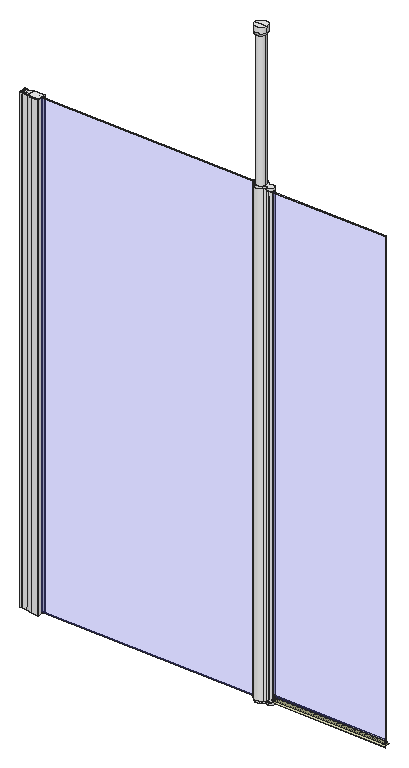
Revit family "FBD2V", category Plumbing Fixtures, Revit 2015
Parameters (values of type "800")
  URL = "http://www.sanswiss.com/"
  Type Comments = "WALK IN FUN"
  Seal = Seal
  Model = "FBD2V"
  Manufacturer = "SanSwiss"
  Glass = Glass
  Chrome = Chrome - Polished
  Aluminium = Aluminum - Polished
  X = 800 mm
Types (4, lengths in mm): name | X
  (no name) | 800
  700 | 700
  800 | 800
  750 | 750
Reference planes
  plane 1 "Center (Front/Back)": y = 0
  plane 2: z = 0
  plane 3 "Center (Left/Right)": x = 0
  plane 4 "back": y = 750
  plane 5 "left": x = -800
  plane 6 "BACK GLASS": y = 701.824
  plane 7: z = 1965.5
  plane 8 "stabiliser": y = 30.169
  plane 9: x = -744.225
  plane 10: z = -534.5
Forms (mm)
  Sweep 1, solid, material "Chrome - Polished" <- "Chrome"
    path origin (0, 0, 0) x (1, 0, 0) y (0, 0, 1)
      loop
        line (0, 1497.7) -> (0, 1502)
    profile origin (0, 0, 1499.85) x (-1, 0, 0) y (0, -1, 0)
      loop
        arc (46.513, -26.016) -> (42.412, -24.892) -> (39.475, -21.818) r 7.96
        arc (39.475, -21.818) -> (24.653, -12.137) -> (8.498, -19.375) r 18.466
        arc (8.498, -19.375) -> (4.987, -22.278) -> (0.551, -23.318) r 9.979
        line (0.551, -23.318) -> (-0.232, -23.318)
        arc (-0.232, -23.318) -> (-18.787, -30.617) -> (-0.232, -37.916) r 10.713
        line (-0.232, -37.916) -> (0.551, -37.916)
        arc (0.551, -37.916) -> (4.983, -38.952) -> (8.5, -41.84) r 10.034
        arc (8.5, -41.84) -> (24.644, -49.028) -> (39.471, -39.413) r 18.528
        arc (39.471, -39.413) -> (42.417, -36.353) -> (46.513, -35.228) r 8.016
        line (46.513, -35.228) -> (47.889, -35.228)
        arc (47.889, -35.228) -> (48.463, -34.99) -> (48.7, -34.417) r 0.811
        line (48.7, -34.417) -> (48.7, -26.828)
        arc (48.7, -26.828) -> (48.462, -26.254) -> (47.889, -26.016) r 0.811
        line (47.889, -26.016) -> (46.513, -26.016)
  Sweep 2, solid, material "Aluminum - Polished" <- "Aluminium"
    path origin (0, 0, 0) x (1, 0, 0) y (0, 0, 1)
      loop
        line (-800, 0) -> (-800, 1500)
    profile origin (-800, 0, 750) x (-1, 0, 0) y (0, -1, 0)
      loop
        line (-63.975, -34.016) -> (-63.975, -41.416)
        arc (-63.975, -41.416) -> (-63.536, -42.477) -> (-62.475, -42.916) r 1.5
        line (-62.475, -42.916) -> (-28.801, -42.916)
        arc (-28.801, -42.916) -> (-26.457, -42.632) -> (-24.248, -41.797) r 9.817
        arc (-24.248, -41.797) -> (-24.058, -40.885) -> (-24.863, -40.416) r 0.796
        line (-24.863, -40.416) -> (-24.863, -22.416)
        arc (-24.863, -22.416) -> (-24.071, -21.973) -> (-24.146, -21.069) r 0.838
        arc (-24.146, -21.069) -> (-34.029, -16.855) -> (-44.675, -15.416) r 40.103
        line (-44.675, -15.416) -> (-62.475, -15.416)
        arc (-62.475, -15.416) -> (-63.536, -15.855) -> (-63.975, -16.916) r 1.5
        line (-63.975, -16.916) -> (-63.975, -27.216) -> (-55.775, -27.216) -> (-55.775, -34.016) -> (-63.975, -34.016)
  Sweep 3, solid, material "Chrome - Polished" <- "Chrome"
    path origin (0, 0, 0) x (1, 0, 0) y (0, 0, 1)
      loop
        line (-800, 1503) -> (-800, 1500)
    profile origin (-800, 0, 1501.5) x (0, -1, 0) y (1, 0, 0)
      loop
        line (-16.916, 63.975) -> (-41.416, 63.975)
        arc (-41.416, 63.975) -> (-42.477, 63.536) -> (-42.916, 62.475) r 1.5
        line (-42.916, 62.475) -> (-42.916, 28.801)
        arc (-42.916, 28.801) -> (-42.208, 25.105) -> (-40.183, 21.932) r 9.999
        arc (-40.183, 21.932) -> (-30.188, 18.244) -> (-21.199, 23.963) r 11.998
        arc (-21.199, 23.963) -> (-16.891, 33.924) -> (-15.416, 44.675) r 40.036
        line (-15.416, 44.675) -> (-15.416, 62.475)
        arc (-15.416, 62.475) -> (-15.855, 63.536) -> (-16.916, 63.975) r 1.5
  Sweep 4, solid, material "Aluminum - Polished" <- "Aluminium"
    path origin (0, 0, 0) x (1, 0, 0) y (0, 0, 1)
      loop
        line (0, 1497.7) -> (0, 4.3)
    profile origin (0, 0, 751) x (0, -1, 0) y (1, 0, 0)
      loop
        arc (-35.222, -47.894) -> (-34.417, -48.7) -> (-33.611, -47.894) r 0.806
        line (-33.611, -47.894) -> (-34.222, -47.021) -> (-33.733, -46.322) -> (-34.222, -45.622) -> (-33.701, -45.001) -> (-34.222, -44.257) -> (-33.714, -43.651) -> (-33.714, -40) -> (-27.616, -40) -> (-27.616, -43.701) -> (-27.022, -44.295) -> (-27.496, -44.972) -> (-27.022, -45.649) -> (-27.483, -46.306) -> (-27.022, -46.964) -> (-27.611, -47.906)
        arc (-27.611, -47.906) -> (-26.811, -48.706) -> (-26.011, -47.906) r 0.8
        line (-26.011, -47.906) -> (-26.011, -46.513)
        arc (-26.011, -46.513) -> (-24.883, -42.417) -> (-21.818, -39.475) r 8.005
        arc (-21.818, -39.475) -> (-12.177, -24.65) -> (-19.375, -8.498) r 18.514
        arc (-19.375, -8.498) -> (-22.533, -4.427) -> (-23.278, 0.67) r 10.122
        arc (-23.278, 0.67) -> (-22.622, 2.449) -> (-22.866, 4.33) r 3.968
        arc (-22.866, 4.33) -> (-23.136, 4) -> (-23.286, 3.601) r 1.311
        arc (-23.286, 3.601) -> (-30.62, -1.041) -> (-37.948, 3.612) r 8.105
        arc (-37.948, 3.612) -> (-38.099, 4.005) -> (-38.366, 4.33) r 1.311
        arc (-38.366, 4.33) -> (-38.611, 2.449) -> (-37.954, 0.67) r 3.968
        arc (-37.954, 0.67) -> (-38.699, -4.427) -> (-41.857, -8.498) r 10.122
        arc (-41.857, -8.498) -> (-49.055, -24.65) -> (-39.414, -39.475) r 18.514
        arc (-39.414, -39.475) -> (-36.387, -42.354) -> (-35.222, -46.366) r 8.005
        line (-35.222, -46.366) -> (-35.222, -47.894)
  Sweep 5, solid, material "Chrome - Polished" <- "Chrome"
    path origin (0, 0, 0) x (1, 0, 0) y (0, 0, 1)
      loop
        line (0, 4.3) -> (0, 0)
    profile origin (0, 0, 2.15) x (0, -1, 0) y (1, 0, 0)
      loop
        arc (-26.016, -46.513) -> (-24.892, -42.412) -> (-21.818, -39.475) r 7.96
        arc (-21.818, -39.475) -> (-12.137, -24.653) -> (-19.375, -8.498) r 18.466
        arc (-19.375, -8.498) -> (-22.278, -4.987) -> (-23.318, -0.551) r 9.979
        line (-23.318, -0.551) -> (-23.318, 0.232)
        arc (-23.318, 0.232) -> (-30.617, 18.787) -> (-37.916, 0.232) r 10.713
        line (-37.916, 0.232) -> (-37.916, -0.551)
        arc (-37.916, -0.551) -> (-38.952, -4.983) -> (-41.84, -8.5) r 10.034
        arc (-41.84, -8.5) -> (-49.028, -24.644) -> (-39.413, -39.471) r 18.528
        arc (-39.413, -39.471) -> (-36.353, -42.417) -> (-35.228, -46.513) r 8.016
        line (-35.228, -46.513) -> (-35.228, -47.889)
        arc (-35.228, -47.889) -> (-34.99, -48.463) -> (-34.417, -48.7) r 0.811
        line (-34.417, -48.7) -> (-26.828, -48.7)
        arc (-26.828, -48.7) -> (-26.254, -48.462) -> (-26.016, -47.889) r 0.811
        line (-26.016, -47.889) -> (-26.016, -46.513)
  Extrusion 6, solid, material "Glass" <- "Glass"
    sketch origin (0, 7.616, 0) x (1, 0, 0) y (0, 1, 0)
      loop
        line (-42.892, 26) -> (-744.225, 26) -> (-744.225, 20) -> (-42.892, 20) -> (-42.892, 26)
    from 1.5 to 1500.5
  Extrusion 7, solid, material "Aluminum - Polished" <- "Aluminium"
    sketch origin (0, 0, 0) x (1, 0, 0) y (0, 1, 0)
      loop
        circle (-23.142, 30.169) r 13.7
    from 1503 to 1940.5
  Revolve 8, solid, material "Chrome - Polished" <- "Chrome"
    sketch origin (0, 30.169, 0) x (-1, 0, 0) y (0, 0, 1)
      loop
        line (23.208, 1965.5) -> (3.721, 1965.5) -> (3.721, 1948.879)
        arc (3.721, 1948.879) -> (4.96, 1944.089) -> (8.365, 1940.5) r 9.88
        line (8.365, 1940.5) -> (23.208, 1940.5) -> (23.208, 1965.5)
      axis (23.208, 1940.5) -> (23.208, 1965.5)
    angle from 0 to 360
  Sweep 9, solid, material "Chrome - Polished" <- "Chrome"
    path origin (0, 30.169, 0) x (-1, 0, 0) y (0, 0, 1)
      loop
        line (0, 4.3) -> (0, 7.8)
    profile origin (0, 30.169, 6.05) x (1, 0, 0) y (0, 1, 0)
      loop
        circle (8, 0.447) r 9
  Sweep 10, solid, material "Chrome - Polished" <- "Chrome"
    path origin (0, 30.169, 0) x (-1, 0, 0) y (0, 0, 1)
      loop
        line (0, 1494.2) -> (0, 1497.7)
    profile origin (0, 30.169, 1495.95) x (1, 0, 0) y (0, 1, 0)
      loop
        circle (8, 0.447) r 9
  Extrusion 11, solid, material "Glass" <- "Glass"
    sketch origin (0, 0, 0) x (1, 0, 0) y (0, 1, 0)
      loop
        line (8, 33.616) -> (8, 27.616) -> (382.921, 27.616) -> (382.921, 33.616) -> (8, 33.616)
    from 12.3 to 1489.7
  Extrusion 12, solid, material "Seal" <- "Seal"
    sketch origin (0, 0, 0) x (0, 1, 0) y (0, 0, 1)
      loop
        line (31.475, 10.9) -> (34.716, 10.9)
        arc (34.716, 10.9) -> (38.727, 7.906) -> (43.475, 6.318) r 15.781
        arc (43.475, 6.318) -> (44.097, 6.669) -> (43.746, 7.291) r 0.505
        arc (43.746, 7.291) -> (39.535, 9.237) -> (36.153, 12.412) r 14.508
        line (36.153, 12.412) -> (35.052, 23.597)
        arc (35.052, 23.597) -> (34.494, 24.329) -> (33.59, 24.158) r 0.876
        line (33.59, 24.158) -> (34.542, 14.491)
        arc (34.542, 14.491) -> (33.795, 13.807) -> (34.661, 13.282) r 0.632
        arc (34.661, 13.282) -> (34.585, 12.759) -> (34.32, 12.3) r 1.407
        line (34.32, 12.3) -> (26.887, 12.3)
        arc (26.887, 12.3) -> (26.554, 12.735) -> (26.571, 13.282) r 0.815
        arc (26.571, 13.282) -> (27.435, 13.807) -> (26.69, 14.491) r 0.632
        line (26.69, 14.491) -> (27.631, 24.04)
        arc (27.631, 24.04) -> (26.758, 24.302) -> (26.18, 23.597) r 0.822
        line (26.18, 23.597) -> (25.125, 12.876)
        arc (25.125, 12.876) -> (25.582, 11.491) -> (26.916, 10.9) r 1.8
        line (26.916, 10.9) -> (29.757, 10.9) -> (30.278, 0.914) -> (30.625, -0.098) -> (30.954, 0.914) -> (31.475, 10.9)
    from 16.921 to 382.921
  Sweep 13, solid, material "Aluminum - Polished" <- "Aluminium"
    path origin (0, 30.169, 0) x (-1, 0, 0) y (0, 0, 1)
      loop
        line (0, 1494.2) -> (0, 7.8)
    profile origin (0, 30.169, 751) x (0, 1, 0) y (-1, 0, 0)
      loop
        arc (4.163, -16.189) -> (0.447, 0.993) -> (-3.27, -16.189) r 8.993
        arc (-3.27, -16.189) -> (-2.367, -15.602) -> (-2.856, -14.642) r 0.805
        line (-2.856, -14.642) -> (-2.856, -10.555)
        arc (-2.856, -10.555) -> (0.452, -3.853) -> (3.759, -10.555) r 4.167
        line (3.759, -10.555) -> (3.759, -14.437)
        arc (3.759, -14.437) -> (3.257, -15.475) -> (4.163, -16.189) r 0.921
  Extrusion 14, solid, material "Chrome - Polished" <- "Chrome"
    sketch origin (0, 0, 0) x (1, 0, 0) y (0, 1, 0)
      loop
        line (16.189, 34.333) -> (16.189, 26.899)
        arc (16.189, 26.899) -> (17, 30.616) -> (16.189, 34.333) r 8.922
    from 7.8 to 12.3
  Extrusion 15, solid, material "Chrome - Polished" <- "Chrome"
    sketch origin (0, 0, 0) x (1, 0, 0) y (0, 1, 0)
      loop
        line (16.189, 34.333) -> (16.189, 26.899)
        arc (16.189, 26.899) -> (17, 30.616) -> (16.189, 34.333) r 8.922
    from 1494.2 to 1489.7
  Sweep 16, solid, material "Chrome - Polished" <- "Chrome"
    path origin (0, 30.169, 0) x (-1, 0, 0) y (0, 0, 1)
      loop
        line (800, 1501.5) -> (800, 1500)
    profile origin (-800, 30.169, 1500.75) x (0, 1, 0) y (-1, 0, 0)
      loop
        line (-4.153, -0.259) -> (-6.753, -0.259)
        arc (-6.753, -0.259) -> (-7.46, -0.552) -> (-7.753, -1.259) r 1
        line (-7.753, -1.259) -> (-7.753, -27.88) -> (10.247, -27.88) -> (10.247, -1.259)
        arc (10.247, -1.259) -> (9.954, -0.552) -> (9.247, -0.259) r 1
        line (9.247, -0.259) -> (6.647, -0.259) -> (6.647, -7.459)
        arc (6.647, -7.459) -> (6.061, -8.873) -> (4.647, -9.459) r 2
        line (4.647, -9.459) -> (-2.153, -9.459)
        arc (-2.153, -9.459) -> (-3.568, -8.873) -> (-4.153, -7.459) r 2
        line (-4.153, -7.459) -> (-4.153, -0.259)
  Sweep 17, solid, material "Aluminum - Polished" <- "Aluminium"
    path origin (0, 30.169, 0) x (-1, 0, 0) y (0, 0, 1)
      loop
        line (800, 1500) -> (800, 0)
    profile origin (-800, 30.169, 750) x (0, 1, 0) y (-1, 0, 0)
      loop
        arc (-7.753, -42.759) -> (-7.518, -43.565) -> (-6.887, -44.119) r 1.5
        line (-6.887, -44.119) -> (-4.753, -45.114) -> (-4.753, -42.8) -> (-6.253, -42.8) -> (-6.253, -2.8) -> (-4.853, -2.8)
        arc (-4.853, -2.8) -> (-3.773, -2.439) -> (-3.128, -1.5) r 1.795
        line (-3.128, -1.5) -> (5.683, -1.5)
        arc (5.683, -1.5) -> (6.291, -2.436) -> (7.347, -2.8) r 1.715
        line (7.347, -2.8) -> (8.747, -2.8) -> (8.747, -42.8) -> (7.247, -42.8) -> (7.247, -45.114) -> (9.492, -44.067)
        arc (9.492, -44.067) -> (10.044, -43.514) -> (10.247, -42.759) r 1.51
        line (10.247, -42.759) -> (10.247, 0.114) -> (7.147, -1.332) -> (7.147, 0) -> (-4.653, 0) -> (-4.653, -1.332) -> (-7.753, 0.114) -> (-7.753, -42.759)
Dimensions and locks
  plane 1 "Center (Front/Back)" to plane 4 "back" = 750 mm
  "X": plane 5 "left" to plane 3 "Center (Left/Right)"
  locked: plane 6 "BACK GLASS" to plane 4 "back" at 48.176
  locked: plane 5 "left" to plane 9 at 55.775
  plane 7 to plane 10 = 2500 mm
  aligned and locked: level to plane 2
  aligned and locked: Extrusion 6 to plane 9
Automatic sketch dimensions
  Sweep 2 sketch curve to plane 5 "left" = 0 mm
  Sweep 2 sketch curve to level = 0 mm
  level to Sweep 2 sketch curve = 1500 mm
  Sweep 3 sketch curve to plane 5 "left" = 0 mm
  level to Sweep 3 sketch curve = 1500 mm
  Sweep 3 sketch curve to Sweep 3 sketch curve = 3 mm
  Sweep 5 sketch curve to plane 3 "Center (Left/Right)" = 0 mm
  Sweep 5 sketch curve to level = 0 mm
  level to Sweep 5 sketch curve = 4.3 mm
  plane 5 "left" to Extrusion 6 sketch curve = 55.775 mm
  Extrusion 6 sketch curve to plane 1 "Center (Front/Back)" = 27.616 mm
  Extrusion 6 sketch curve to plane 3 "Center (Left/Right)" = 42.892 mm
  Extrusion 6 sketch curve to Extrusion 6 sketch curve = 6 mm
  Extrusion 7 sketch curve to plane 8 "stabiliser" = 0 mm
  Extrusion 7 sketch curve to plane 3 "Center (Left/Right)" = 23.142 mm
  Revolve 8 sketch curve to plane 7 = 0 mm  (x2)
  Revolve 8 sketch curve to plane 3 "Center (Left/Right)" = 3.721 mm
  Revolve 8 sketch curve to plane 3 "Center (Left/Right)" = 8.365 mm
  Revolve 8 sketch curve to plane 3 "Center (Left/Right)" = 13.601 mm
  Revolve 8 sketch curve to plane 7 = 16.621 mm
  Revolve 8 sketch curve to plane 3 "Center (Left/Right)" = 23.208 mm
  Revolve 8 sketch curve to Revolve 8 sketch curve = 0 mm  (x2)
  profile plane to Sweep 5 sketch curve = 0.541 mm
  Sweep 5 sketch curve to plane 1 "Center (Front/Back)" = 43.244 mm
  profile plane to Sweep 5 sketch curve = 0.551 mm  (x2)
  Sweep 5 sketch curve to Sweep 5 sketch curve = 10.034 mm
  Sweep 5 sketch curve to Sweep 5 sketch curve = 8.016 mm
  Sweep 5 sketch curve to Sweep 5 sketch curve = 0.811 mm  (x2)
  Sweep 5 sketch curve to profile plane = 8.073 mm
  Sweep 5 sketch curve to Sweep 5 sketch curve = 7.299 mm  (x2)
  Sweep 5 sketch curve to Sweep 5 sketch curve = 4.67 mm
  Sweep 5 sketch curve to Sweep 5 sketch curve = 0.012 mm
  Sweep 5 sketch curve to Sweep 5 sketch curve = 7.589 mm
  Sweep 5 sketch curve to Sweep 5 sketch curve = 7.96 mm
  Sweep 5 sketch curve to Sweep 5 sketch curve = 9.979 mm
  profile plane to Sweep 5 sketch curve = 23.197 mm
  Sweep 5 sketch curve to Sweep 5 sketch curve = 0.005 mm
  Sweep 5 sketch curve to Sweep 5 sketch curve = 23.288 mm
  Sweep 5 sketch curve to Sweep 5 sketch curve = 0.023 mm
  Sweep 5 sketch curve to Sweep 5 sketch curve = 1.399 mm
  Sweep 5 sketch curve to profile plane = 0.232 mm
  Sweep 5 sketch curve to Sweep 5 sketch curve = 0 mm  (x3)
  Sweep 5 sketch curve to Sweep 5 sketch curve = 3.762 mm
  profile plane to Sweep 4 sketch curve = 0.463 mm  (x2)
  Sweep 4 sketch curve to plane 1 "Center (Front/Back)" = 48.012 mm
  Sweep 4 sketch curve to plane 1 "Center (Front/Back)" = 43.226 mm
  Sweep 4 sketch curve to profile plane = 3.345 mm  (x2)
  Sweep 4 sketch curve to Sweep 4 sketch curve = 8.781 mm  (x2)
  Sweep 4 sketch curve to Sweep 4 sketch curve = 8.003 mm
  Sweep 4 sketch curve to Sweep 4 sketch curve = 4.563 mm  (x2)
  Sweep 4 sketch curve to Sweep 4 sketch curve = 0.806 mm
  Sweep 4 sketch curve to Sweep 4 sketch curve = 1 mm
  Sweep 4 sketch curve to Sweep 4 sketch curve = 0 mm  (x4)
  Sweep 4 sketch curve to Sweep 4 sketch curve = 0.194 mm
  Sweep 4 sketch curve to Sweep 4 sketch curve = 0.49 mm
  Sweep 4 sketch curve to Sweep 4 sketch curve = 0.509 mm
  Sweep 4 sketch curve to Sweep 4 sketch curve = 0.521 mm
  Sweep 4 sketch curve to Sweep 4 sketch curve = 3.08 mm
  Sweep 4 sketch curve to Sweep 4 sketch curve = 4.053 mm
  Sweep 4 sketch curve to Sweep 4 sketch curve = 0.035 mm
  Sweep 4 sketch curve to Sweep 4 sketch curve = 6.098 mm
  Sweep 4 sketch curve to Sweep 4 sketch curve = 0.005 mm
  Sweep 4 sketch curve to Sweep 4 sketch curve = 0.12 mm
  Sweep 4 sketch curve to Sweep 4 sketch curve = 0.013 mm
  Sweep 4 sketch curve to Sweep 4 sketch curve = 0.461 mm  (x2)
  Sweep 4 sketch curve to Sweep 4 sketch curve = 0.474 mm
  Sweep 4 sketch curve to Sweep 4 sketch curve = 0.8 mm
  Sweep 4 sketch curve to profile plane = 2.893 mm  (x2)
  Sweep 4 sketch curve to Sweep 4 sketch curve = 4.05 mm
  Sweep 4 sketch curve to Sweep 4 sketch curve = 8.005 mm
  profile plane to Sweep 4 sketch curve = 23.195 mm
  Sweep 4 sketch curve to Sweep 4 sketch curve = 16.805 mm
  Sweep 4 sketch curve to Sweep 4 sketch curve = 3.651 mm
  Sweep 4 sketch curve to Sweep 4 sketch curve = 3.701 mm
  Sweep 4 sketch curve to Sweep 4 sketch curve = 0.606 mm
  Sweep 4 sketch curve to Sweep 4 sketch curve = 0.594 mm
  Sweep 4 sketch curve to Sweep 4 sketch curve = 0.677 mm  (x2)
  Sweep 4 sketch curve to Sweep 4 sketch curve = 0.744 mm  (x2)
  Sweep 4 sketch curve to Sweep 4 sketch curve = 0.621 mm
  Sweep 4 sketch curve to Sweep 4 sketch curve = 0.658 mm  (x2)
  Sweep 4 sketch curve to Sweep 4 sketch curve = 0.699 mm  (x2)
  Sweep 4 sketch curve to Sweep 4 sketch curve = 0.147 mm
  Sweep 4 sketch curve to Sweep 4 sketch curve = 0.865 mm  (x2)
  Sweep 4 sketch curve to Sweep 4 sketch curve = 0.873 mm
  Sweep 4 sketch curve to Sweep 4 sketch curve = 0.942 mm
  Sweep 4 sketch curve to Sweep 4 sketch curve = 4.171 mm
  profile plane to Sweep 4 sketch curve = 8.498 mm
  Sweep 4 sketch curve to profile plane = 0.67 mm  (x2)
  Sweep 4 sketch curve to Sweep 4 sketch curve = 0.418 mm
  Sweep 4 sketch curve to Sweep 4 sketch curve = 1.285 mm
  Sweep 4 sketch curve to Sweep 4 sketch curve = 0.008 mm
  Sweep 4 sketch curve to plane 3 "Center (Left/Right)" = 0 mm
  level to Sweep 4 sketch curve = 4.3 mm
  Sweep 4 sketch curve to plane 7 = 467.8 mm
  profile plane to Sweep 1 sketch curve = 8.073 mm
  profile plane to Sweep 1 sketch curve = 0.232 mm  (x2)
  Sweep 1 sketch curve to profile plane = 0.541 mm
  Sweep 1 sketch curve to profile plane = 0.551 mm  (x2)
  Sweep 1 sketch curve to profile plane = 23.197 mm
  Sweep 1 sketch curve to Sweep 1 sketch curve = 0.005 mm
  Sweep 1 sketch curve to Sweep 1 sketch curve = 23.288 mm
  Sweep 1 sketch curve to Sweep 1 sketch curve = 0.023 mm  (x2)
  Sweep 1 sketch curve to Sweep 1 sketch curve = 1.376 mm  (x2)
  Sweep 1 sketch curve to Sweep 1 sketch curve = 0.811 mm
  Sweep 1 sketch curve to plane 1 "Center (Front/Back)" = 47.95 mm
  Sweep 1 sketch curve to plane 1 "Center (Front/Back)" = 43.244 mm
  Sweep 1 sketch curve to Sweep 1 sketch curve = 10.034 mm
  Sweep 1 sketch curve to Sweep 1 sketch curve = 8.016 mm
  Sweep 1 sketch curve to Sweep 1 sketch curve = 7.299 mm
  Sweep 1 sketch curve to Sweep 1 sketch curve = 7.24 mm
  Sweep 1 sketch curve to Sweep 1 sketch curve = 0.012 mm
  Sweep 1 sketch curve to Sweep 1 sketch curve = 7.589 mm
  Sweep 1 sketch curve to Sweep 1 sketch curve = 7.96 mm
  Sweep 1 sketch curve to Sweep 1 sketch curve = 9.979 mm
  Sweep 1 sketch curve to Sweep 1 sketch curve = 0 mm  (x2)
  Sweep 1 sketch curve to plane 3 "Center (Left/Right)" = 0 mm
  Sweep 1 sketch curve to plane 7 = 467.8 mm
  Sweep 1 sketch curve to Sweep 1 sketch curve = 4.3 mm
  Sweep 9 sketch curve to plane 3 "Center (Left/Right)" = 0 mm
  level to Sweep 9 sketch curve = 4.3 mm
  Sweep 9 sketch curve to Sweep 9 sketch curve = 3.5 mm
  Sweep 9 sketch curve to profile plane = 8 mm
  plane 8 "stabiliser" to Sweep 9 sketch curve = 0.447 mm
  Sweep 10 sketch curve to plane 3 "Center (Left/Right)" = 0 mm
  Sweep 10 sketch curve to plane 7 = 471.3 mm
  Sweep 10 sketch curve to Sweep 10 sketch curve = 3.5 mm
  Sweep 10 sketch curve to profile plane = 8 mm
  plane 8 "stabiliser" to Sweep 10 sketch curve = 0.447 mm
  Extrusion 11 sketch curve to plane 8 "stabiliser" = 2.553 mm
  plane 3 "Center (Left/Right)" to Extrusion 11 sketch curve = 8 mm
  Extrusion 11 sketch curve to Extrusion 11 sketch curve = 374.921 mm
  plane 8 "stabiliser" to Extrusion 11 sketch curve = 3.447 mm
  level to Extrusion 12 sketch curve = 12.876 mm
  Extrusion 12 sketch curve to plane 8 "stabiliser" = 5.045 mm
  Extrusion 12 sketch curve to Extrusion 12 sketch curve = 1.055 mm
  level to Extrusion 12 sketch curve = 14.491 mm  (x2)
  Extrusion 12 sketch curve to Extrusion 12 sketch curve = 1.566 mm
  Extrusion 12 sketch curve to Extrusion 12 sketch curve = 0.116 mm
  Extrusion 12 sketch curve to Extrusion 12 sketch curve = 0.081 mm
  Extrusion 12 sketch curve to Extrusion 12 sketch curve = 0.029 mm
  Extrusion 12 sketch curve to Extrusion 12 sketch curve = 0.818 mm
  Extrusion 12 sketch curve to Extrusion 12 sketch curve = 0.414 mm
  level to Extrusion 12 sketch curve = 24.04 mm
  Extrusion 12 sketch curve to Extrusion 12 sketch curve = 0.633 mm
  Extrusion 12 sketch curve to Extrusion 12 sketch curve = 2.841 mm
  level to Extrusion 12 sketch curve = 0.914 mm  (x2)
  Extrusion 12 sketch curve to Extrusion 12 sketch curve = 0.521 mm
  Extrusion 12 sketch curve to level = 0.098 mm
  Extrusion 12 sketch curve to Extrusion 12 sketch curve = 0.347 mm
  Extrusion 12 sketch curve to Extrusion 12 sketch curve = 0.675 mm
  level to Extrusion 12 sketch curve = 10.9 mm
  Extrusion 12 sketch curve to Extrusion 12 sketch curve = 1.717 mm
  Extrusion 12 sketch curve to Extrusion 12 sketch curve = 1.78 mm
  Extrusion 12 sketch curve to Extrusion 12 sketch curve = 5.959 mm
  Extrusion 12 sketch curve to Extrusion 12 sketch curve = 0.59 mm
  Extrusion 12 sketch curve to Extrusion 12 sketch curve = 1.066 mm
  Extrusion 12 sketch curve to Extrusion 12 sketch curve = 1.17 mm
  Extrusion 12 sketch curve to Extrusion 12 sketch curve = 0.117 mm
  Extrusion 12 sketch curve to Extrusion 12 sketch curve = 0.396 mm
  level to Extrusion 12 sketch curve = 23.597 mm
  Extrusion 12 sketch curve to Extrusion 12 sketch curve = 0.872 mm
  level to Extrusion 12 sketch curve = 12.412 mm
  Extrusion 12 sketch curve to Extrusion 12 sketch curve = 1.833 mm
  Extrusion 12 sketch curve to Extrusion 12 sketch curve = 7.458 mm
  Extrusion 12 sketch curve to Extrusion 12 sketch curve = 10.99 mm
  Extrusion 12 sketch curve to Extrusion 12 sketch curve = 1.605 mm
  level to Extrusion 12 sketch curve = 6.804 mm
  Extrusion 12 sketch curve to Extrusion 12 sketch curve = 0 mm
  Extrusion 12 sketch curve to Extrusion 12 sketch curve = 0.4 mm
  Extrusion 12 sketch curve to Extrusion 12 sketch curve = 0.284 mm
  Extrusion 12 sketch curve to Extrusion 12 sketch curve = 0.919 mm
  Extrusion 12 sketch curve to Extrusion 12 sketch curve = 0.621 mm  (x2)
  Extrusion 12 sketch curve to Extrusion 12 sketch curve = 2.333 mm
  Extrusion 12 sketch curve to Extrusion 12 sketch curve = 0.624 mm
  Extrusion 12 sketch curve to Extrusion 12 sketch curve = 0.086 mm
  Extrusion 12 sketch curve to Extrusion 12 sketch curve = 0.524 mm
  Extrusion 12 sketch curve to Extrusion 12 sketch curve = 0.136 mm
  Sweep 13 sketch curve to plane 3 "Center (Left/Right)" = 0 mm
  level to Sweep 13 sketch curve = 7.8 mm
  Sweep 13 sketch curve to plane 7 = 471.3 mm
  Sweep 13 sketch curve to plane 8 "stabiliser" = 3.145 mm
  Sweep 13 sketch curve to Sweep 13 sketch curve = 0.29 mm
  Sweep 13 sketch curve to Sweep 13 sketch curve = 3.302 mm
  Sweep 13 sketch curve to Sweep 13 sketch curve = 0.005 mm
  Sweep 13 sketch curve to Sweep 13 sketch curve = 3.307 mm
  Sweep 13 sketch curve to Sweep 13 sketch curve = 0.396 mm
  profile plane to Sweep 13 sketch curve = 15.393 mm
  Sweep 13 sketch curve to Sweep 13 sketch curve = 0.125 mm  (x2)
  Sweep 13 sketch curve to Sweep 13 sketch curve = 0.752 mm
  Sweep 13 sketch curve to Sweep 13 sketch curve = 0.831 mm
  Sweep 13 sketch curve to Sweep 13 sketch curve = 4.086 mm
  Sweep 13 sketch curve to Sweep 13 sketch curve = 2.535 mm
  Sweep 13 sketch curve to Sweep 13 sketch curve = 0.02 mm
  plane 8 "stabiliser" to Extrusion 14 sketch curve = 0.447 mm
  plane 3 "Center (Left/Right)" to Extrusion 14 sketch curve = 8.078 mm
  Extrusion 14 sketch curve to plane 8 "stabiliser" = 3.27 mm
  Extrusion 14 sketch curve to Extrusion 14 sketch curve = 8.111 mm
  plane 8 "stabiliser" to Extrusion 15 sketch curve = 0.447 mm
  plane 3 "Center (Left/Right)" to Extrusion 15 sketch curve = 8.078 mm
  Extrusion 15 sketch curve to plane 8 "stabiliser" = 3.27 mm
  Extrusion 15 sketch curve to Extrusion 15 sketch curve = 8.111 mm
  Sweep 3 sketch curve to profile plane = 44.69 mm
  Sweep 3 sketch curve to plane 1 "Center (Front/Back)" = 55.452 mm
  Sweep 3 sketch curve to Sweep 3 sketch curve = 12.536 mm
  Sweep 3 sketch curve to Sweep 3 sketch curve = 1.5 mm  (x2)
  Sweep 3 sketch curve to Sweep 3 sketch curve = 9.999 mm
  Sweep 3 sketch curve to Sweep 3 sketch curve = 1.453 mm
  Sweep 3 sketch curve to Sweep 3 sketch curve = 24.5 mm
  Sweep 3 sketch curve to profile plane = 44.675 mm
  Sweep 3 sketch curve to profile plane = 30.175 mm
  Sweep 3 sketch curve to Sweep 3 sketch curve = 1.374 mm
  Sweep 3 sketch curve to Sweep 3 sketch curve = 17.786 mm
  Sweep 3 sketch curve to Sweep 3 sketch curve = 0 mm
  profile plane to Sweep 2 sketch curve = 63.975 mm
  Sweep 2 sketch curve to Sweep 2 sketch curve = 0 mm
  Sweep 2 sketch curve to Sweep 2 sketch curve = 1.5 mm  (x2)
  Sweep 2 sketch curve to Sweep 2 sketch curve = 8.2 mm
  Sweep 2 sketch curve to Sweep 2 sketch curve = 11.1 mm
  profile plane to Sweep 2 sketch curve = 28.801 mm
  Sweep 2 sketch curve to Sweep 2 sketch curve = 3.938 mm
  Sweep 2 sketch curve to Sweep 2 sketch curve = 0.051 mm
  Sweep 2 sketch curve to Sweep 2 sketch curve = 0.078 mm
  Sweep 2 sketch curve to plane 1 "Center (Front/Back)" = 55.519 mm
  Sweep 2 sketch curve to Sweep 2 sketch curve = 12.603 mm
  Sweep 2 sketch curve to Sweep 2 sketch curve = 1.708 mm
  Sweep 2 sketch curve to Sweep 2 sketch curve = 0.792 mm
  Sweep 2 sketch curve to Sweep 2 sketch curve = 7.4 mm
  Sweep 2 sketch curve to Sweep 2 sketch curve = 7.317 mm
  Sweep 2 sketch curve to Sweep 2 sketch curve = 6.8 mm
  Sweep 2 sketch curve to Sweep 2 sketch curve = 10.683 mm
  Sweep 2 sketch curve to Sweep 2 sketch curve = 0.837 mm
  Sweep 2 sketch curve to Sweep 2 sketch curve = 10.3 mm
  Sweep 16 sketch curve to plane 5 "left" = 0 mm
  Sweep 16 sketch curve to plane 7 = 465.5 mm
  Sweep 16 sketch curve to Sweep 16 sketch curve = 1.5 mm
  Sweep 16 sketch curve to plane 8 "stabiliser" = 7.753 mm
  Sweep 16 sketch curve to Sweep 16 sketch curve = 1 mm  (x2)
  Sweep 16 sketch curve to Sweep 16 sketch curve = 2.6 mm  (x2)
  Sweep 16 sketch curve to Sweep 16 sketch curve = 2 mm  (x2)
  Sweep 16 sketch curve to Sweep 16 sketch curve = 6.8 mm
  profile plane to Sweep 16 sketch curve = 27.88 mm
  Sweep 16 sketch curve to Sweep 16 sketch curve = 18.421 mm
  Sweep 16 sketch curve to Sweep 16 sketch curve = 6.2 mm  (x2)
  Sweep 17 sketch curve to level = 0 mm
  Sweep 17 sketch curve to plane 5 "left" = 0 mm
  Sweep 17 sketch curve to plane 7 = 465.5 mm
  Sweep 17 sketch curve to profile plane = 0.114 mm  (x2)
  Sweep 17 sketch curve to plane 8 "stabiliser" = 7.753 mm
  profile plane to Sweep 17 sketch curve = 44.119 mm
  Sweep 17 sketch curve to Sweep 17 sketch curve = 0.866 mm
  Sweep 17 sketch curve to Sweep 17 sketch curve = 0.634 mm
  Sweep 17 sketch curve to Sweep 17 sketch curve = 0 mm
  Sweep 17 sketch curve to Sweep 17 sketch curve = 1.4 mm
  Sweep 17 sketch curve to Sweep 17 sketch curve = 1.5 mm
  Sweep 17 sketch curve to Sweep 17 sketch curve = 0.2 mm  (x2)
  Sweep 17 sketch curve to Sweep 17 sketch curve = 1.525 mm
  Sweep 17 sketch curve to Sweep 17 sketch curve = 8.811 mm
  Sweep 17 sketch curve to Sweep 17 sketch curve = 1.464 mm
  Sweep 17 sketch curve to Sweep 17 sketch curve = 12 mm
  Sweep 17 sketch curve to Sweep 17 sketch curve = 1.49 mm
  Sweep 17 sketch curve to Sweep 17 sketch curve = 0.01 mm
  Sweep 17 sketch curve to Sweep 17 sketch curve = 0.745 mm
  Sweep 17 sketch curve to Sweep 17 sketch curve = 3.1 mm
  Sweep 17 sketch curve to Sweep 17 sketch curve = 2.355 mm
  Sweep 17 sketch curve to Sweep 17 sketch curve = 0.995 mm
  Sweep 17 sketch curve to Sweep 17 sketch curve = 1.047 mm
  Sweep 17 sketch curve to Sweep 17 sketch curve = 0.041 mm  (x2)
  Sweep 17 sketch curve to Sweep 17 sketch curve = 2.914 mm  (x2)
  Sweep 17 sketch curve to Sweep 17 sketch curve = 1.3 mm
  Sweep 17 sketch curve to Sweep 17 sketch curve = 0.246 mm
  Sweep 17 sketch curve to Sweep 17 sketch curve = 0.326 mm
  Sweep 17 sketch curve to Sweep 17 sketch curve = 1.005 mm
  radius of Extrusion 7 sketch curve = 13.7 mm
  radius of Sweep 9 sketch curve = 9 mm
  radius of Sweep 10 sketch curve = 9 mm
